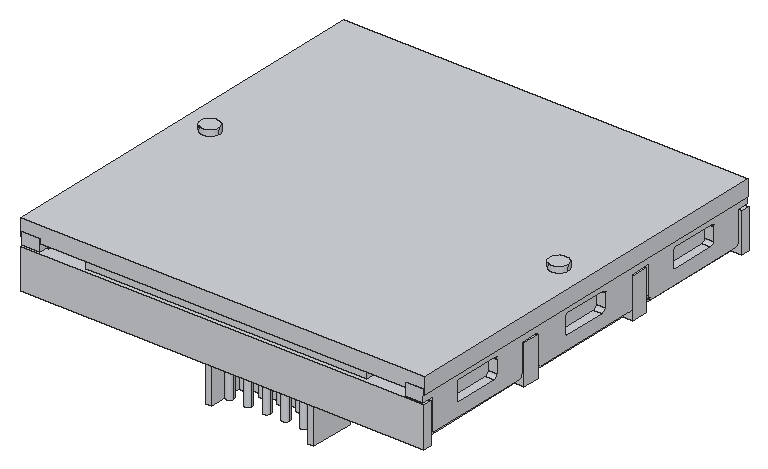
Revit family "Gira_510100", category Generic Models, host Face, Revit 2017
Family settings
  Host = Face
  Can host rebar = No
  Round Connector Dimension = Use Diameter
  Part Type = Normal
  Cut with Voids When Loaded = No
  Shared = No
  Room Calculation Point = No
Parameters (values of type "RF PB sens. 1-g KNX")
  With room temperature controller = no
  With label area = no
  With display = no
  With anti-theft/dismantling protection = no
  With IR sensor = no
  URL = "https://www.gira.de/"
  Type Comments = ""
  Transparent = no
  Surface protection = "Sonstige (*de-DE)"
  Surface finishing = "Not applicable"
  Number of buttons = 1
  Number of actuation points = 1
  Model = ""
  Material quality = "Sonstige (*de-DE)"
  Material = "Sonstige (*de-DE)"
  Manufacturer = "Gira"
  Keynote = ""
  HeinzeBIM = "https://www.heinze.de/bim/rf-pb-sens-1-g-knx/c1bad89c98a543ac611be64a03f27877bb907175"
  HAN = "510100"
  GTIN = "4010337017240"
  Description = "RF PB sens.1g KNX KNX RF pushbutton sensor 1-gang System 55   Gira E22 Start-up rocker The KNX RF pushbutton sensors transmit KNX telegrams wirelessly when the button is pressed, depending on the parameter settings when the application program is loaded. These could be e.g. telegrams for switching pressing, for dimming or blind control. It is also possible to program encoder functions (dimming encoders and scene auxiliary units).,Features: - Confirmation function as well as transmit and status display via two-colour LED (red green) separately for each button by 2-stage display function. - Optional status display by separate 1-bit status communication objects. - Transmit and confirmation display deactivatable. - The pushbutton sensor can be attached to walls using screws or affixed to smooth or transparent surfaces using a mounting plate. - Project planning, start-up and parameter setting are performed using ETS (version 5 or later). - Battery-operated device. Switching\" function: - Rocker or button function. - Command for pressing and releasing can be parameterised (ON, OFF, CHANGE, no reaction). \"Dimming\" function: - Rocker function. - Command when the rocker is pressed (right and left button) can be set in the parameters (lighter - ON, darker - OFF). \"Blind\" function: - Rocker function. - Command when the rocker is pressed (right and left button) can be set in the parameters (ON, OFF, CHANGE). - Time between short and long-term command can be set in the parameters. \"Value transmitter\" and \"Scene auxiliary unit\" functions: - Rocker function. - Command when the rocker is pressed (right and left button) can be set in the parameters (values 0 to 255, 0 to 100% or scene number). - With scene auxiliary unit: Memory function possible.,Notes : - Batteries are consumables and must be replaced regularly. Please observe the regulations on the disposal of used batteries. - The pushbutton sensor is supplied with a program-neutral start-up rocker. The suitable rocker set for the design line must be ordered separately. - The range can be reduced when using rocker sets and or cover frames.\""
  Default Elevation = 1219.2 mm
  Cost = 0
  Colour = "Sonstige (*de-DE)"
  Bus connection included = no
  BIMSITE_PRODUCT_ID = "c1bad89c98a543ac611be64a03f27877bb907175"
  BIM = "https://media.live.bim.site/t/eyJhbGciOiJIUzI1NiIsInR5cCI6IkpXVCJ9.eyJjdCI6MSwidGYiOiJwdWJsaWMvZ2lyYS8wOWY1ZGI1L1NZUzU1X1Rhc3RzZW5zb3IucmZhIiwiY2lkIjoiZmVkOThlOWEtMWJkOC00YzY4LWE3M2ItNzRhOTRlMzE1ODIzIiwicmlkIjoiZTg1Zjc3ZmJmMzYyNjc3YzYzMTA3ZDVlNzI1MmE3NDkiLCJwaWQiOiJjMWJhZDg5Yzk4YTU0M2FjNjExYmU2NGEwM2YyNzg3N2JiOTA3MTc1Iiwic2lkIjoiNjM0NzAiLCJ1dCI6NSwibGMiOiJlbiIsImlhdCI6MTYwNzQ0MTY4MCwiaXNzIjoiaHR0cHM6Ly9hcGkubGl2ZS5iaW0uc2l0ZSIsInN1YiI6IjhkM2FhNWNiLWUwNjYtNDU5OC1iZTE2LTZlMTZlZTc0OTU2YSJ9._wAF2Gvf8P2HF9LaBYSHU627Njmlz1ciCibw4bGiMn0/SYS55_Tastsensor.rfa"
  Assembly Code = ""
Reference planes
  plane 1 "Center (Front/Back)": y = 0
  plane 2: z = 0
  plane 3 "Center (Left/Right)": x = 0
Forms (mm)
  Extrusion 1, solid, detail levels fine
    sketch origin (0, 0, 0) x (1, 0, 0) y (0, 1, 0)
      loop
        line (-6.6, -21.3) -> (-6.6, -16) -> (6.6, -16) -> (6.6, -21.3) -> (7.4, -21.3) -> (7.4, -15.2) -> (-7.4, -15.2) -> (-7.4, -21.3) -> (-6.6, -21.3)
    from -9.5 to -1.5
  Extrusion 2, solid, detail levels fine
    sketch origin (0, 0, 0) x (1, 0, 0) y (0, 1, 0)
      loop
        circle (-5.08, -17.5) r 0.5
      loop
        circle (-2.54, -17.48) r 0.5
      loop
        circle (0, -17.5) r 0.5
      loop
        circle (2.54, -17.48) r 0.5
      loop
        circle (5.08, -17.5) r 0.5
      loop
        circle (5.08, -20.04) r 0.5
      loop
        circle (2.54, -20.02) r 0.5
      loop
        circle (0, -20.04) r 0.5
      loop
        circle (-2.54, -20.02) r 0.5
      loop
        circle (-5.08, -20.04) r 0.5
    from -8.48 to -1.5
  Extrusion 3, solid, detail levels fine
    sketch origin (0, 0, 0) x (1, 0, 0) y (0, 1, 0)
      loop
        arc (-23.95, -19.15) -> (-22.544, -22.544) -> (-19.15, -23.95) r 4.8
        line (-19.15, -23.95) -> (19.15, -23.95)
        arc (19.15, -23.95) -> (22.544, -22.544) -> (23.95, -19.15) r 4.8
        line (23.95, -19.15) -> (23.95, 19.15)
        arc (23.95, 19.15) -> (22.544, 22.544) -> (19.15, 23.95) r 4.8
        line (19.15, 23.95) -> (-19.15, 23.95)
        arc (-19.15, 23.95) -> (-22.544, 22.544) -> (-23.95, 19.15) r 4.8
        line (-23.95, 19.15) -> (-23.95, -19.15)
    from -1.5 to 0.5
  Extrusion 4, solid, detail levels fine
    sketch origin (0, 0, 0) x (1, 0, 0) y (0, 1, 0)
      loop
        line (27.6, -27.7) -> (27.6, -26.6) -> (26.1, -26.6) -> (26.1, -10.4) -> (27.45, -10.4) -> (27.45, -8.1) -> (26.1, -8.1) -> (26.1, 8.1) -> (27.45, 8.1) -> (27.45, 10.4) -> (26.1, 10.4) -> (26.1, 26.6) -> (27.6, 26.6) -> (27.6, 27.7) -> (-27.6, 27.7) -> (-27.6, 26.6) -> (-26.1, 26.6) -> (-26.1, 10.4) -> (-27.45, 10.4) -> (-27.45, 8.1) -> (-26.1, 8.1) -> (-26.1, -8.1) -> (-27.45, -8.1) -> (-27.45, -10.4) -> (-26.1, -10.4) -> (-26.1, -26.6) -> (-27.6, -26.6) -> (-27.6, -27.7) -> (27.6, -27.7)
    from 0 to 5.44
  Extrusion 5, solid, detail levels fine
    sketch origin (0, 0, 0) x (0, 1, 0) y (0, 0, 1)
      loop
        arc (15.5, 5.92) -> (15.146, 5.774) -> (15, 5.42) r 0.5
        line (15, 5.42) -> (15, 3.62)
        arc (15, 3.62) -> (15.146, 3.267) -> (15.5, 3.12) r 0.5
        line (15.5, 3.12) -> (21.5, 3.12)
        arc (21.5, 3.12) -> (21.854, 3.267) -> (22, 3.62) r 0.5
        line (22, 3.62) -> (22, 5.42)
        arc (22, 5.42) -> (21.854, 5.774) -> (21.5, 5.92) r 0.5
        line (21.5, 5.92) -> (15.5, 5.92)
      loop
        line (11.4, 1.3) -> (25.6, 1.3)
        arc (25.6, 1.3) -> (25.954, 1.446) -> (26.1, 1.8) r 0.5
        line (26.1, 1.8) -> (26.1, 5.7) -> (27.65, 5.7) -> (27.635, 7.4) -> (-27.635, 7.4) -> (-27.65, 5.7) -> (-26.1, 5.7) -> (-26.1, 1.8)
        arc (-26.1, 1.8) -> (-25.954, 1.446) -> (-25.6, 1.3) r 0.5
        line (-25.6, 1.3) -> (-11.4, 1.3)
        arc (-11.4, 1.3) -> (-11.046, 1.446) -> (-10.9, 1.8) r 0.5
        line (-10.9, 1.8) -> (-10.9, 5.7) -> (-8.05, 5.7) -> (-8.05, 1.8)
        arc (-8.05, 1.8) -> (-7.904, 1.446) -> (-7.55, 1.3) r 0.5
        line (-7.55, 1.3) -> (7.55, 1.3)
        arc (7.55, 1.3) -> (7.904, 1.446) -> (8.05, 1.8) r 0.5
        line (8.05, 1.8) -> (8.05, 5.7) -> (10.9, 5.7) -> (10.9, 1.8)
        arc (10.9, 1.8) -> (11.046, 1.446) -> (11.4, 1.3) r 0.5
      loop
        line (3, 5.92) -> (-3, 5.92)
        arc (-3, 5.92) -> (-3.354, 5.774) -> (-3.5, 5.42) r 0.5
        line (-3.5, 5.42) -> (-3.5, 3.62)
        arc (-3.5, 3.62) -> (-3.354, 3.267) -> (-3, 3.12) r 0.5
        line (-3, 3.12) -> (3, 3.12)
        arc (3, 3.12) -> (3.354, 3.267) -> (3.5, 3.62) r 0.5
        line (3.5, 3.62) -> (3.5, 5.42)
        arc (3.5, 5.42) -> (3.354, 5.774) -> (3, 5.92) r 0.5
      loop
        arc (-15.5, 3.12) -> (-15.146, 3.267) -> (-15, 3.62) r 0.5
        line (-15, 3.62) -> (-15, 5.42)
        arc (-15, 5.42) -> (-15.146, 5.774) -> (-15.5, 5.92) r 0.5
        line (-15.5, 5.92) -> (-21.5, 5.92)
        arc (-21.5, 5.92) -> (-21.854, 5.774) -> (-22, 5.42) r 0.5
        line (-22, 5.42) -> (-22, 3.62)
        arc (-22, 3.62) -> (-21.854, 3.267) -> (-21.5, 3.12) r 0.5
        line (-21.5, 3.12) -> (-15.5, 3.12)
    from -27.45 to -25
  Extrusion 6, solid, detail levels fine
    sketch origin (0, 0, 0) x (0, 1, 0) y (0, 0, -1)
      loop
        line (15.5, -5.92) -> (21.5, -5.92)
        arc (21.5, -5.92) -> (21.854, -5.774) -> (22, -5.42) r 0.5
        line (22, -5.42) -> (22, -3.62)
        arc (22, -3.62) -> (21.854, -3.267) -> (21.5, -3.12) r 0.5
        line (21.5, -3.12) -> (15.5, -3.12)
        arc (15.5, -3.12) -> (15.146, -3.267) -> (15, -3.62) r 0.5
        line (15, -3.62) -> (15, -5.42)
        arc (15, -5.42) -> (15.146, -5.774) -> (15.5, -5.92) r 0.5
      loop
        arc (11.4, -1.3) -> (11.046, -1.446) -> (10.9, -1.8) r 0.5
        line (10.9, -1.8) -> (10.9, -5.7) -> (8.05, -5.7) -> (8.05, -1.8)
        arc (8.05, -1.8) -> (7.904, -1.446) -> (7.55, -1.3) r 0.5
        line (7.55, -1.3) -> (-7.55, -1.3)
        arc (-7.55, -1.3) -> (-7.904, -1.446) -> (-8.05, -1.8) r 0.5
        line (-8.05, -1.8) -> (-8.05, -5.7) -> (-10.9, -5.7) -> (-10.9, -1.8)
        arc (-10.9, -1.8) -> (-11.046, -1.446) -> (-11.4, -1.3) r 0.5
        line (-11.4, -1.3) -> (-25.6, -1.3)
        arc (-25.6, -1.3) -> (-25.954, -1.446) -> (-26.1, -1.8) r 0.5
        line (-26.1, -1.8) -> (-26.1, -5.7) -> (-27.65, -5.7) -> (-27.635, -7.4) -> (27.635, -7.4) -> (27.65, -5.7) -> (26.1, -5.7) -> (26.1, -1.8)
        arc (26.1, -1.8) -> (25.954, -1.446) -> (25.6, -1.3) r 0.5
        line (25.6, -1.3) -> (11.4, -1.3)
      loop
        arc (3, -5.92) -> (3.354, -5.774) -> (3.5, -5.42) r 0.5
        line (3.5, -5.42) -> (3.5, -3.62)
        arc (3.5, -3.62) -> (3.354, -3.267) -> (3, -3.12) r 0.5
        line (3, -3.12) -> (-3, -3.12)
        arc (-3, -3.12) -> (-3.354, -3.267) -> (-3.5, -3.62) r 0.5
        line (-3.5, -3.62) -> (-3.5, -5.42)
        arc (-3.5, -5.42) -> (-3.354, -5.774) -> (-3, -5.92) r 0.5
        line (-3, -5.92) -> (3, -5.92)
      loop
        line (-15.5, -3.12) -> (-21.5, -3.12)
        arc (-21.5, -3.12) -> (-21.854, -3.267) -> (-22, -3.62) r 0.5
        line (-22, -3.62) -> (-22, -5.42)
        arc (-22, -5.42) -> (-21.854, -5.774) -> (-21.5, -5.92) r 0.5
        line (-21.5, -5.92) -> (-15.5, -5.92)
        arc (-15.5, -5.92) -> (-15.146, -5.774) -> (-15, -5.42) r 0.5
        line (-15, -5.42) -> (-15, -3.62)
        arc (-15, -3.62) -> (-15.146, -3.267) -> (-15.5, -3.12) r 0.5
    from -27.45 to -25
  Extrusion 7, solid, detail levels fine
    sketch origin (-82.195, -64.588, 0) x (1, 0, 0) y (0, 1, 0)
      loop
        line (54.545, 36.952) -> (109.845, 36.952) -> (109.845, 92.223) -> (54.545, 92.223) -> (54.545, 36.952)
    from 6.703 to 8.9
  Extrusion 8, solid, detail levels fine
    sketch origin (0, 0, 0) x (1, 0, 0) y (0, 1, 0)
      loop
        line (-19.2, 27) -> (-19.2, -27) -> (19.2, -27) -> (19.2, 27) -> (-19.2, 27)
    from 5.44 to 8
  Extrusion 9, solid, detail levels fine
    sketch origin (0, 0, 0) x (1, 0, 0) y (0, 1, 0)
      loop
        circle (-23.85, 0) r 1.269
      loop
        circle (23.85, 0) r 1.269
    from 6.703 to 9.6
  Extrusion 10, solid, detail levels medium
    sketch origin (0, 0, 0) x (1, 0, 0) y (0, 1, 0)
      loop
        line (27.65, 27.7) -> (-27.65, 27.7) -> (-27.65, -27.7) -> (27.65, -27.7) -> (27.65, 27.7)
    from 0 to 9.6
  Extrusion 11, solid, detail levels medium
    sketch origin (0, 0, 0) x (1, 0, 0) y (0, 1, 0)
      loop
        line (-23.95, -23.95) -> (23.95, -23.95) -> (23.95, 23.95) -> (-23.95, 23.95) -> (-23.95, -23.95)
    from -1.5 to 0.5
  Extrusion 12, solid, detail levels medium
    sketch origin (0, 0, 0) x (1, 0, 0) y (0, 1, 0)
      loop
        line (-7.4, -21.3) -> (7.4, -21.3) -> (7.4, -15.2) -> (-7.4, -15.2) -> (-7.4, -21.3)
    from -9.5 to -1.5
  Extrusion 13, solid, detail levels coarse
    sketch origin (0, 0, 0) x (1, 0, 0) y (0, 1, 0)
      loop
        line (27.65, 27.7) -> (-27.65, 27.7) -> (-27.65, -27.7) -> (27.65, -27.7) -> (27.65, 27.7)
    from -9.5 to 9.6
Dimensions and locks
  aligned and locked: plane 2 to host face
  aligned and locked: level to host face
Connectors
  electrical at (0, 0, -9.5)
    settings: on Extrusion 13, index 1, voltage 220 V, apparent load 0 VA, apparent load phase1 0 VA, apparent load phase2 0 VA, apparent load phase3 0 VA, power factor 1, load classification "Other", number of poles 1, system type 30, power factor state 1, is connector primary yes, connector utility no, sub classification motor no, connector description ""
